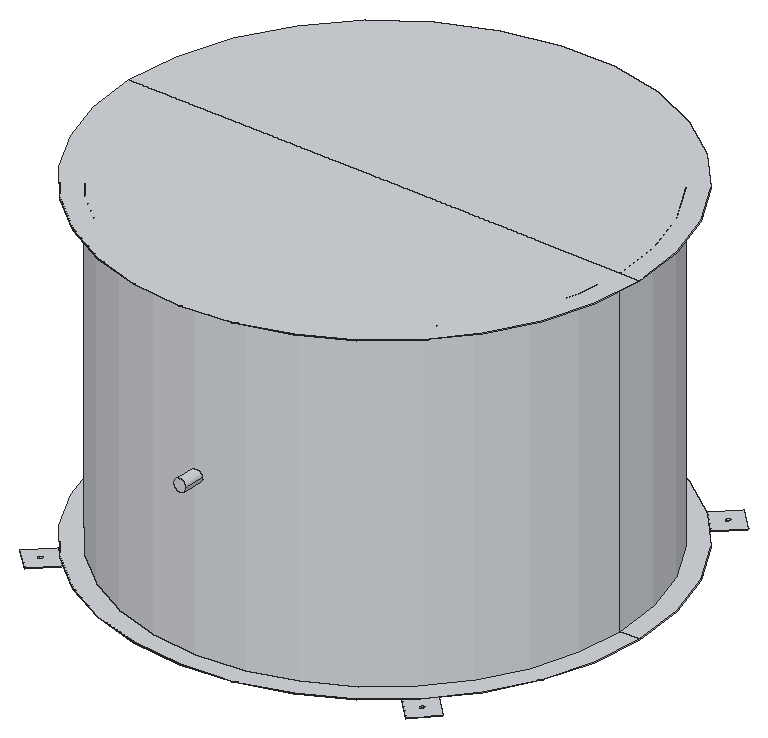
Revit family "AVAD_Downblast_Floor_Mount", category Mechanical Equipment, Revit 2019
Family settings
  Round Connector Dimension = Use Radius
  Part Type = Normal
  Work Plane-Based = No
  Always vertical = Yes
  Cut with Voids When Loaded = No
  Shared = No
  Room Calculation Point = No
Parameters (values of type "79_AVAD_DOWNBLAST_FLOOR")
  ModelID [instance] = ""
  L/2 = L / 2  # 2' - 8"
  L = 5' - 4"
  K/2 = K / 2  # 0' - 0 11/32"
  K = 0' - 0 11/16"
  J/2 = J / 2  # 3' - 9 1/4"
  J-B = J - B  # 0' - 4 15/16"
  J = 7' - 6 1/2"
  H = 6' - 4 5/8"
  Unit Weight [instance] = ""
  Sones [instance] = ""
  Motor RPM [instance] = ""
  Motor Enclosure [instance] = ""
  LwA [instance] = ""
  G = 16' - 0"
  Fan RPM [instance] = ""
  F/2 = F / 2  # 0' - 0 11/32"
  F = 0' - 0 11/16"
  E/2 = E / 2  # 2' - 3"
  E-2" = E - 0' 2"  # 4' - 4"
  E-.125" = E - 0' 0 1/8"  # 4' - 5 7/8"
  E = 4' - 6"
  C/2 = C / 2  # 3' - 5 7/16"
  C = 6' - 10 7/8"
  B/2 = B / 2  # 3' - 6 25/32"
  B = 7' - 1 9/16"
  Accessories [instance] = ""
  A/3 = A / 2.5  # 2' - 7 1/2"
  A/2 = A / 2  # 3' - 3 3/8"
  A = 6' - 6 3/4"
  60 = 60.00°  # constant formula
  45 = 45.00°
  30 = 30.00°  # constant formula
  3" = 0' - 3"  # constant formula
  Brake Hp [instance] = ""
  4" = 0' - 4"  # constant formula
  2' = 2' - 0"
  2" = 0' - 2"  # constant formula
  1" = 0' - 1"  # constant formula
  0 = 0' - 0"  # constant formula
  Voltage [instance] = 0 V
  URL = "www.lorencook.com"
  Type Comments = "Adjustable Pitch Vane Axial Downblast Floor Mount Direct Drive Arrangement 4"  # constant formula
  Static Pressure [instance] = 0.00 in-wg
  Power [instance] = Voltage * Motor FLA * sqrt(if(Phase = 3, 3, 1))  # 0 VA
  Phase [instance] = 0
  Number of Poles [instance] = 1
  Motor Hp [instance] = "0"
  Motor FLA [instance] = 0 A
  Model = "AVAD"  # constant formula
  Manufacturer = "Loren Cook Company"
  CFM [instance] = 0 CFM
  1.5 = 0' - 1 1/2"  # constant formula
  ONE EIGTH = 0' - 0 1/8"  # constant formula
  -E/2 = -E / 2  # -2' - 3"
  -(E-.25")/2 = -(E - 0' 0 1/4") / 2  # -2' - 2 7/8"
  (L/2)-1" = (L / 2) - 0' 1"  # 2' - 7"
  (J-B)/2 = (J - B) / 2  # 0' - 2 15/32"
  (J+(J-B))/2 = (J + (J - B)) / 2  # 3' - 11 23/32"
  (E-.25")/2 = (E - 0' 0 1/4") / 2  # 2' - 2 7/8"
  (A+.25")/2 = (A + 0' 0 1/4") / 2  # 3' - 3 1/2"
Types (9): name | L/2 | L | K/2 | K | J/2 | J-B | J | H | G | F/2 | F | E/2 | E-2" | E-.125" | E | C/2 | C | B/2 | B | A/3 | A/2 | A | -E/2 | -(E-.25")/2 | (L/2)-1" | (J-B)/2 | (J+(J-B))/2 | (E-.25")/2 | (A+.25")/2
  (no name) | 2' - 8" | 5' - 4" | 0' - 0 11/32" | 0' - 0 11/16" | 3' - 9 1/4" | 0' - 4 15/16" | 7' - 6 1/2" | 6' - 4 5/8" | 16' - 0" | 0' - 0 11/32" | 0' - 0 11/16" | 2' - 3" | 4' - 4" | 4' - 5 7/8" | 4' - 6" | 3' - 5 7/16" | 6' - 10 7/8" | 3' - 6 25/32" | 7' - 1 9/16" | 2' - 7 1/2" | 3' - 3 3/8" | 6' - 6 3/4" | -2' - 3" | -2' - 2 7/8" | 2' - 7" | 0' - 2 15/32" | 3' - 11 23/32" | 2' - 2 7/8" | 3' - 3 1/2"
  35_AVAD_DOWNBLAST_FLOOR | 1' - 3 1/4" | 2' - 6 1/2" | 0' - 0 9/32" | 0' - 0 9/16" | 1' - 9 9/16" | 0' - 3 1/4" | 3' - 7 1/8" | 3' - 11 7/8" | 12' - 0" | 0' - 0 9/32" | 0' - 0 9/16" | 1' - 3" | 2' - 4" | 2' - 5 7/8" | 2' - 6" | 1' - 7" | 3' - 2" | 1' - 7 15/16" | 3' - 3 7/8" | 1' - 2.2" | 1' - 5 3/4" | 2' - 11 1/2" | -1' - 3" | -1' - 2 7/8" | 1' - 2 1/4" | 0' - 1 5/8" | 1' - 11 3/16" | 1' - 2 7/8" | 1' - 5 7/8"
  39_AVAD_DOWNBLAST_FLOOR | 1' - 4 21/32" | 2' - 9 5/16" | 0' - 0 9/32" | 0' - 0 9/16" | 1' - 11 9/16" | 0' - 3 3/16" | 3' - 11 1/8" | 4' - 1 7/8" | 12' - 0" | 0' - 0 9/32" | 0' - 0 9/16" | 1' - 3" | 2' - 4" | 2' - 5 7/8" | 2' - 6" | 1' - 8 15/16" | 3' - 5 7/8" | 1' - 9 31/32" | 3' - 7 15/16" | 1' - 3 3/4" | 1' - 7 11/16" | 3' - 3 3/8" | -1' - 3" | -1' - 2 7/8" | 1' - 3 21/32" | 0' - 1 19/32" | 2' - 1 5/32" | 1' - 2 7/8" | 1' - 7 13/16"
  44_AVAD_DOWNBLAST_FLOOR | 1' - 7 1/16" | 3' - 2 1/8" | 0' - 0 11/32" | 0' - 0 11/16" | 2' - 2 15/16" | 0' - 4 1/4" | 4' - 5 7/8" | 4' - 5 1/4" | 12' - 0" | 0' - 0 9/32" | 0' - 0 9/16" | 1' - 5" | 2' - 8" | 2' - 9 7/8" | 2' - 10" | 1' - 11 11/16" | 3' - 11 3/8" | 2' - 0 13/16" | 4' - 1 5/8" | 1' - 5.65" | 1' - 10 1/16" | 3' - 8 1/8" | -1' - 5" | -1' - 4 7/8" | 1' - 6 1/16" | 0' - 2 1/8" | 2' - 5 1/16" | 1' - 4 7/8" | 1' - 10 3/16"
  49_AVAD_DOWNBLAST_FLOOR | 1' - 8 7/8" | 3' - 5 3/4" | 0' - 0 11/32" | 0' - 0 11/16" | 2' - 5 1/2" | 0' - 4 1/4" | 4' - 11" | 4' - 7 3/4" | 12' - 0" | 0' - 0 9/32" | 0' - 0 9/16" | 1' - 5" | 2' - 8" | 2' - 9 7/8" | 2' - 10" | 2' - 2 1/4" | 4' - 4 1/2" | 2' - 3 3/8" | 4' - 6 3/4" | 1' - 7.7" | 2' - 0 5/8" | 4' - 1 1/4" | -1' - 5" | -1' - 4 7/8" | 1' - 7 7/8" | 0' - 2 1/8" | 2' - 7 5/8" | 1' - 4 7/8" | 2' - 0 3/4"
  57_AVAD_DOWNBLAST_FLOOR | 1' - 11 21/32" | 3' - 11 5/16" | 0' - 0 11/32" | 0' - 0 11/16" | 2' - 9 7/16" | 0' - 4 1/4" | 5' - 6 7/8" | 5' - 5 3/4" | 12' - 0" | 0' - 0 9/32" | 0' - 0 9/16" | 1' - 9" | 3' - 4" | 3' - 5 7/8" | 3' - 6" | 2' - 5 15/16" | 4' - 11 7/8" | 2' - 7 5/16" | 5' - 2 5/8" | 1' - 10.85" | 2' - 4 9/16" | 4' - 9 1/8" | -1' - 9" | -1' - 8 7/8" | 1' - 10 21/32" | 0' - 2 1/8" | 2' - 11 9/16" | 1' - 8 7/8" | 2' - 4 11/16"
  63_AVAD_DOWNBLAST_FLOOR | 2' - 1 23/32" | 4' - 3 7/16" | 0' - 0 11/32" | 0' - 0 11/16" | 3' - 0 3/8" | 0' - 4 1/4" | 6' - 0 3/4" | 5' - 8 5/8" | 16' - 0" | 0' - 0 11/32" | 0' - 0 11/16" | 1' - 9" | 3' - 4" | 3' - 5 7/8" | 3' - 6" | 2' - 9 1/8" | 5' - 6 1/4" | 2' - 10 1/4" | 5' - 8 1/2" | 2' - 1.2" | 2' - 7 1/2" | 5' - 3" | -1' - 9" | -1' - 8 7/8" | 2' - 0 23/32" | 0' - 2 1/8" | 3' - 2 1/2" | 1' - 8 7/8" | 2' - 7 5/8"
  71_AVAD_DOWNBLAST_FLOOR | 2' - 5 7/32" | 4' - 10 7/16" | 0' - 0 11/32" | 0' - 0 11/16" | 3' - 5 5/16" | 0' - 5" | 6' - 10 5/8" | 6' - 0 3/4" | 16' - 0" | 0' - 0 11/32" | 0' - 0 11/16" | 2' - 3" | 4' - 4" | 4' - 5 7/8" | 4' - 6" | 3' - 1 1/2" | 6' - 3" | 3' - 2 13/16" | 6' - 5 5/8" | 2' - 4.35" | 2' - 11 7/16" | 5' - 10 7/8" | -2' - 3" | -2' - 2 7/8" | 2' - 4 7/32" | 0' - 2 1/2" | 3' - 7 13/16" | 2' - 2 7/8" | 2' - 11 9/16"
  79_AVAD_DOWNBLAST_FLOOR | 2' - 8" | 5' - 4" | 0' - 0 11/32" | 0' - 0 11/16" | 3' - 9 1/4" | 0' - 4 15/16" | 7' - 6 1/2" | 6' - 4 5/8" | 16' - 0" | 0' - 0 11/32" | 0' - 0 11/16" | 2' - 3" | 4' - 4" | 4' - 5 7/8" | 4' - 6" | 3' - 5 7/16" | 6' - 10 7/8" | 3' - 6 25/32" | 7' - 1 9/16" | 2' - 7 1/2" | 3' - 3 3/8" | 6' - 6 3/4" | -2' - 3" | -2' - 2 7/8" | 2' - 7" | 0' - 2 15/32" | 3' - 11 23/32" | 2' - 2 7/8" | 3' - 3 1/2"
Reference planes (in)
  plane 1 "Center (Front/Back)": y = 0
  plane 2: z = 0
  plane 3 "Center (Left/Right)": x = 0.40541
Forms (in)
  Revolve 1, solid
    sketch origin (0, 0, 0) x (1, 0, 0) y (0, 0, 1)
      loop
        line (0.40541, 0) -> (43.18666, 0) -> (43.18666, 0.125) -> (39.90541, 0.125) -> (39.90541, 53.875) -> (43.18666, 53.875) -> (43.18666, 54) -> (0.40541, 54) -> (0.40541, 0)
      axis (0.40541, 54) -> (0.40541, 0)
    angle from 0 to 360
  Extrusion 2, solid
    sketch origin (0, 0, 0) x (1, 0, 0) y (0, 1, 0)
      loop
        line (-28.04942, 31.94617) -> (-31.54598, 35.44273)
        arc (-31.54598, 35.44273) -> (-33.33684, 33.74225) -> (-35.03732, 31.9514) r 47.71875
        line (-35.03732, 31.9514) -> (-31.54076, 28.45483)
        arc (-31.54076, 28.45483) -> (-29.8455, 30.25091) -> (-28.04942, 31.94617) r 42.78125
      loop
        arc (28.86024, 31.94617) -> (30.65632, 30.25091) -> (32.35158, 28.45483) r 42.78125
        line (32.35158, 28.45483) -> (35.84815, 31.9514)
        arc (35.84815, 31.9514) -> (34.14766, 33.74225) -> (32.35681, 35.44273) r 47.71875
        line (32.35681, 35.44273) -> (28.86024, 31.94617)
      loop
        line (28.86024, -31.94617) -> (32.35681, -35.44273)
        arc (32.35681, -35.44273) -> (34.14766, -33.74225) -> (35.84815, -31.9514) r 47.71875
        line (35.84815, -31.9514) -> (32.35158, -28.45483)
        arc (32.35158, -28.45483) -> (30.65632, -30.25091) -> (28.86024, -31.94617) r 42.78125
      loop
        arc (-28.04942, -31.94617) -> (-29.8455, -30.25091) -> (-31.54076, -28.45483) r 42.78125
        line (-31.54076, -28.45483) -> (-35.03732, -31.9514)
        arc (-35.03732, -31.9514) -> (-33.33684, -33.74225) -> (-31.54598, -35.44273) r 47.71875
        line (-31.54598, -35.44273) -> (-28.04942, -31.94617)
    from 0 to 0.125
  Extrusion 3, void
    sketch origin (0, 0, 0) x (1, 0, 0) y (0, 1, 0)
      loop
        circle (32.40541, 32) r 0.34375
      loop
        circle (-31.59459, 32) r 0.34375
      loop
        circle (-31.59459, -32) r 0.34375
      loop
        circle (32.40541, -32) r 0.34375
    from 0 to 54 <- "E"
  Extrusion 4, solid
    sketch origin (0, 0, 0) x (1, 0, 0) y (0, 0, 1)
      loop
        circle (0.40541, 27) r 1
    from 0 to 42.78125 <- "B/2"
Cuts and joins
  Extrusion 3 cuts Revolve 1
  Extrusion 3 cuts Extrusion 2
Dimensions and locks (in)
  "0": Revolve 1 sketch curve to plane 3 "Center (Left/Right)"  (x2)
  "0": Revolve 1 sketch curve to level
  "B/2": Revolve 1 sketch curve to plane 3 "Center (Left/Right)"  (x2)
  "(A+.25")/2": Revolve 1 sketch curve to plane 3 "Center (Left/Right)"
  "ONE EIGTH": Revolve 1 sketch curve to Revolve 1 sketch curve  (x2)
  "E": Revolve 1 sketch curve to level
  "0": Extrusion 2 sketch curve to plane 3 "Center (Left/Right)"  (x8)
  "0": Extrusion 2 sketch curve to plane 1 "Center (Front/Back)"  (x8)
  "J-B": Extrusion 2 sketch curve to Extrusion 2 sketch curve  (x4)
  "(J-B)/2": plane 3 "Center (Left/Right)" to Extrusion 2 sketch curve  (x3)
  "(J-B)/2": Extrusion 2 sketch curve to plane 3 "Center (Left/Right)"
  "L/2": plane 3 "Center (Left/Right)" to Extrusion 3 sketch curve  (x4)
  "L/2": plane 1 "Center (Front/Back)" to Extrusion 3 sketch curve  (x4)
  "0": Extrusion 4 sketch curve to plane 3 "Center (Left/Right)"
  "E/2": Extrusion 4 sketch curve to level
  "(J+(J-B))/2": radius of Extrusion 2 sketch curve  (x4)
  "B/2": radius of Extrusion 2 sketch curve  (x4)
  "K/2": radius of Extrusion 3 sketch curve  (x4)
  "1"": radius of Extrusion 4 sketch curve
  "45": angle plane 3 "Center (Left/Right)" to Extrusion 2 sketch curve
  "45": angle Extrusion 2 sketch curve to plane 3 "Center (Left/Right)"  (x2)
  "45": angle Extrusion 2 sketch curve to plane 1 "Center (Front/Back)"
Automatic sketch dimensions
  Revolve 1 sketch curve to level = 0' - 0"
  Revolve 1 sketch curve to level = 1' - 0"
Connectors (in)
  hvac at (0.40541, 0, 54), driven by "A/2"
    settings: on cut or joined group of Revolve 1, Extrusion 3, index 1, duct flow 0 CFM, flow factor 0, pres drop 0.00 in-wg, loss coef 0, conn angle 0.00°, conn width 12", conn height 12", conn diameter 78 3/4", duct sys type 29, conn prof type 0, flow config 0, flow direction 1, loss method 0, conn ref index -1, conn util no, is conn primary yes, conn desc ""
  hvac at (0.40541, 0, 0.125), driven by "A/2"
    settings: on cut or joined group of Revolve 1, Extrusion 3, index 2, duct flow 0 CFM, flow factor 0, pres drop 0.00 in-wg, loss coef 0, conn angle 0.00°, conn width 12", conn height 12", conn diameter 78 3/4", duct sys type 29, conn prof type 0, flow config 0, flow direction 2, loss method 0, conn ref index -1, conn util no, is conn primary no, conn desc ""
  electrical at (0.40541, -42.78125, 27)
    settings: on Extrusion 4, index 3, voltage 0 V, apparent load 0 VA, apparent load phase1 0 VA, apparent load phase2 0 VA, apparent load phase3 0 VA, power factor 1, load classification "Other", number of poles 1, system type 30, power factor state 1, is connector primary yes, connector utility no, sub classification motor no, connector description ""
